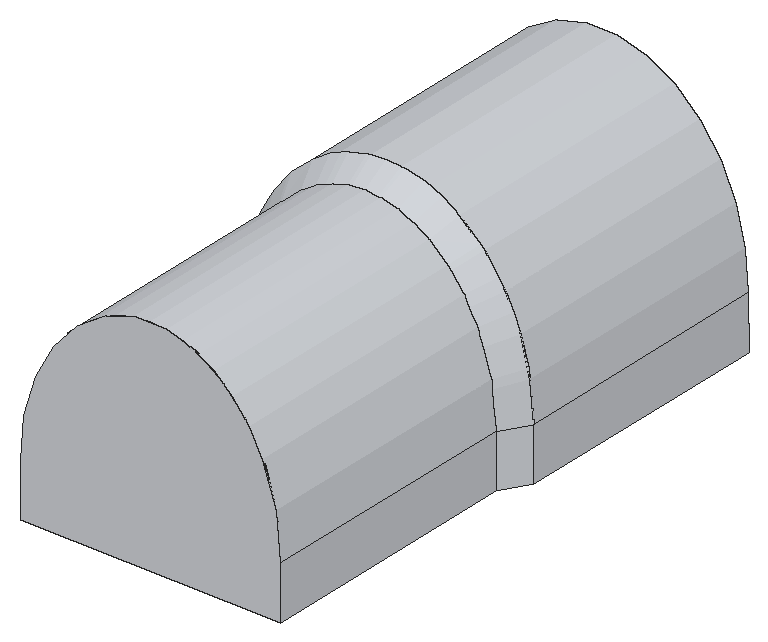
Revit family "Domotics-SerieCivili-GEWISS-27COMBI_SYSTEM-IP65_CREPUSCOLARE", category Modelli generici, host Superficie, Revit 2016
Family settings
  Host = Superficie
  Tipo di parte = Normale
  Può ospitare armatura = No
  Quota connettore circolare = Usa diametro
  Taglio con vuoti quando caricato = No
  Condiviso = No
  Punto di calcolo locali = No
Parameters (values of type "GW27432 - Rivelatore crepuscolare 2-200lux IP65")
  Versione file RFA = "18.0"
  URL = "https://www.gewiss.com/it/it"
  Termopressione con biglia = "70 °C"
  Temperatura di installazione = "-25 +60 °C"
  Scheda Tecnica = "https://www.gewiss.com/it/it/search?q=GW27432"
  Regolazione soglia crepuscolare = "0 - 200 lux"
  Produttore = "GEWISS S.p.A."
  Norma di riferimento = "EN 60669-2-1"
  Modello = "GW27432"
  Immagine tipo = GW27432.jpg
  Simbolo [instance] = yes
  IFC.TypeObject = ""
  IFC.ExportType = ""
  IFC.ExportAs = ""
  IDT = "09f7fde4-0fd3-4868-bfba-d57139335556"
  IDF = "6378bf70-1ce0-4a1f-a238-0e6aa7c17157"
  Grado di protezione = "IP65"
  Glow Wire Test = "650°C"
  Distanza orizzontale del simbolo [instance] = 154.148 mm
  Distanza dal muro [instance] = 4.208 mm
  Default Elevation = 1219.2 mm
  Profondità = 45 mm
  Larghezza = 55 mm
  Dim. esterne BxHxP (mm) = "55x106x45"
  Descrizione = "RIVELATORE CREPUSCOLARE 2-200LUX IP65"
  Creato da GEWISS S.p.A. = ""
  Cornice simbolo [instance] = yes
  Contatti di uscita = "1NA 16 A (AC1) 250 V ac"
  Codice Electrocod = "0143                "
  Codice EAN = "8011564827554"
  Classe isolamento = "II"
  Catalogo Serie = "27COMBI"
  Catalogo = "DOMOTICS"
  COBie.Tagnumber = ""
  COBie.CreatedOn = ""
  COBie.CreatebBy = ""
  COBie.ComponentRegisterItemID = ""
  COBie.Component.TagNumber = ""
  COBie.Component.Space = ""
  COBie.Component.SerialNumber = ""
  COBie.Component.InstallationDate = ""
  COBie.Component.Description = ""
  COBie.Component.BarCode = ""
  Altezza = 106 mm
Reference planes
  plane 1 "Centro (Fronte/Retro)": y = 0
  plane 2: z = 0
  plane 3 "Centro (Sinistra/Destra)": x = 0
  plane 4: x = -27.5
  plane 5: x = 27.5
  plane 6: y = 53
  plane 7: y = -53
  plane 8: z = 45
  plane 9: y = -2.5
  plane 10: y = 2.5
  plane 11: x = -154.148
Forms (mm)
  Extrusion 1, solid
    sketch origin (0, 0, 0) x (1, 0, 0) y (0, 0, 1)
      loop
        line (-27.5, 0) -> (27.5, 0) -> (27.5, 10)
        spline (27.5, 10) -> (26.563, 19.059) -> (23.816, 27.5) -> (19.445, 34.749) -> (13.75, 40.311) -> (7.118, 43.807) -> (0, 45) -> (-7.118, 43.807) -> (-13.75, 40.311) -> (-19.445, 34.749) -> (-23.816, 27.5) -> (-26.563, 19.059) -> (-27.5, 10)
        line (-27.5, 10) -> (-27.5, 0)
    from -53 to -2.5
  Extrusion 2, solid
    sketch origin (0, -53, 0) x (1, 0, 0) y (0, 0, 1)
      loop
        line (-24.5, 0) -> (24.5, 0) -> (24.5, 10)
        spline (24.5, 10) -> (23.62, 18.441) -> (21.084, 26.261) -> (17.084, 32.883) -> (11.974, 37.893) -> (6.149, 40.968) -> (0, 42) -> (-6.149, 40.968) -> (-11.974, 37.893) -> (-17.084, 32.883) -> (-21.084, 26.261) -> (-23.62, 18.441) -> (-24.5, 10)
        line (-24.5, 10) -> (-24.5, 0)
    from -50.5 to 0
  Blend 3, solid
    base sketch origin (0, 0, 0) x (1, 0, 0) y (0, 0, 1)
      loop
        spline (27.5, 10) -> (26.563, 19.059) -> (23.816, 27.5) -> (19.445, 34.749) -> (13.75, 40.311) -> (7.118, 43.807) -> (0, 45) -> (-7.118, 43.807) -> (-13.75, 40.311) -> (-19.445, 34.749) -> (-23.816, 27.5) -> (-26.563, 19.059) -> (-27.5, 10)
        line (-27.5, 10) -> (-27.5, 0) -> (27.5, 0) -> (27.5, 10)
    top sketch origin (0, 0, 0) x (1, 0, 0) y (0, 0, 1)
      loop
        line (-24.5, 0) -> (24.5, 0) -> (24.5, 10)
        spline (24.5, 10) -> (23.62, 18.441) -> (21.084, 26.261) -> (17.084, 32.883) -> (11.974, 37.893) -> (6.149, 40.968) -> (0, 42) -> (-6.149, 40.968) -> (-11.974, 37.893) -> (-17.084, 32.883) -> (-21.084, 26.261) -> (-23.62, 18.441) -> (-24.5, 10)
        line (-24.5, 10) -> (-24.5, 0)
    from -2.5 to 2.5
Cuts and joins
  joined: Extrusion 1, Extrusion 2, Blend 3
Lines and regions (mm)
  symbolic lines, not visible
    curve 1: line (417.587, 0, 326.381) -> (417.587, 0, 126.381)
    curve 2: line (417.587, 0, 126.381) -> (167.713, 0, 126.381)
    curve 3: line (167.713, 0, 126.381) -> (167.713, 0, 326.381)
    curve 4: line (417.587, 0, 226.381) -> (404.254, 0, 226.381)
    curve 5: line (181.047, 0, 226.381) -> (167.713, 0, 226.381)
    curve 6: line (312.865, 0, 201.672) -> (312.865, 0, 251.515)
    curve 7: line (332.086, 0, 201.591) -> (332.086, 0, 251.433)
    curve 8: line (332.086, 0, 251.433) -> (354.733, 0, 251.433)
    curve 9: line (354.733, 0, 251.433) -> (357.902, 0, 251.24)
    curve 10: line (357.902, 0, 251.24) -> (360.824, 0, 250.24)
    curve 11: line (360.824, 0, 250.24) -> (363.18, 0, 248.685)
    curve 12: line (363.18, 0, 248.685) -> (365.417, 0, 246.139)
    curve 13: line (365.417, 0, 246.139) -> (366.864, 0, 242.941)
    curve 14: line (366.864, 0, 242.941) -> (367.301, 0, 239.717)
    curve 15: line (367.301, 0, 239.717) -> (366.864, 0, 236.493)
    curve 16: line (366.864, 0, 236.493) -> (365.417, 0, 233.294)
    curve 17: line (365.417, 0, 233.294) -> (363.18, 0, 230.749)
    curve 18: line (363.18, 0, 230.749) -> (360.824, 0, 229.194)
    curve 19: line (360.824, 0, 229.194) -> (357.902, 0, 228.29)
    curve 20: line (357.902, 0, 228.29) -> (354.614, 0, 228.129)
    curve 21: line (354.614, 0, 228.129) -> (332.086, 0, 228.129)
    curve 22: line (370.62, 0, 201.591) -> (358.527, 0, 220.019)
    curve 23: line (358.527, 0, 220.019) -> (354.668, 0, 223.984)
    curve 24: line (354.668, 0, 223.984) -> (351.294, 0, 226.54)
    curve 25: line (351.294, 0, 226.54) -> (348.449, 0, 228.129)
    curve 26: line (386.24, 0, 298.434) -> (224.12, 0, 244.394)
    curve 27: line (224.12, 0, 244.394) -> (218.854, 0, 248.46)
    curve 28: line (218.854, 0, 248.46) -> (212.705, 0, 251.007)
    curve 29: line (212.705, 0, 251.007) -> (206.107, 0, 251.876)
    curve 30: line (206.107, 0, 251.876) -> (199.509, 0, 251.007)
    curve 31: line (199.509, 0, 251.007) -> (193.36, 0, 248.46)
    curve 32: line (193.36, 0, 248.46) -> (188.08, 0, 244.409)
    curve 33: line (188.08, 0, 244.409) -> (184.028, 0, 239.128)
    curve 34: line (184.028, 0, 239.128) -> (181.481, 0, 232.98)
    curve 35: line (181.481, 0, 232.98) -> (180.612, 0, 226.381)
    curve 36: line (180.612, 0, 226.381) -> (181.481, 0, 219.783)
    curve 37: line (181.481, 0, 219.783) -> (184.028, 0, 213.634)
    curve 38: line (184.028, 0, 213.634) -> (188.08, 0, 208.354)
    curve 39: line (188.08, 0, 208.354) -> (193.36, 0, 204.302)
    curve 40: line (193.36, 0, 204.302) -> (199.509, 0, 201.755)
    curve 41: line (199.509, 0, 201.755) -> (206.107, 0, 200.887)
    curve 42: line (206.107, 0, 200.887) -> (212.705, 0, 201.755)
    curve 43: line (212.705, 0, 201.755) -> (218.854, 0, 204.302)
    curve 44: line (218.854, 0, 204.302) -> (224.12, 0, 208.368)
    curve 45: line (224.12, 0, 208.368) -> (386.24, 0, 154.328)
    curve 46: line (386.24, 0, 154.328) -> (391.887, 0, 166.098)
    curve 47: line (391.887, 0, 166.098) -> (397.62, 0, 181.801)
    curve 48: line (397.62, 0, 181.801) -> (402.105, 0, 200.819)
    curve 49: line (402.105, 0, 200.819) -> (404.254, 0, 226.381)
    curve 50: line (404.254, 0, 226.381) -> (402.105, 0, 251.943)
    curve 51: line (402.105, 0, 251.943) -> (397.62, 0, 270.961)
    curve 52: line (397.62, 0, 270.961) -> (391.887, 0, 286.664)
    curve 53: line (391.887, 0, 286.664) -> (386.24, 0, 298.434)
  model lines, not visible
    curve 54: line (167.713, 0, 326.381) -> (417.587, 0, 326.381)
Dimensions and locks
  equal spacing: plane 5, plane 3 "Centro (Sinistra/Destra)", plane 4
  "Larghezza": plane 5 to plane 4
  equal spacing: plane 6, plane 1 "Centro (Fronte/Retro)", plane 7
  "Altezza": plane 6 to plane 7
  "Profondità": plane 8 to host face
  locked: plane 10 to plane 9 at 5
  equal spacing: plane 10, plane 1 "Centro (Fronte/Retro)", plane 9
  "Distanza orizzontale del simbolo": plane 11 to plane 3 "Centro (Sinistra/Destra)"
  aligned and locked: plane 2 to host face
  aligned and locked: level to host face
  aligned and locked: Extrusion 1 sketch curve to level
  aligned and locked: plane 6 to Extrusion 1
  aligned and locked: Extrusion 1 to plane 10
  aligned and locked: Blend 3 to Extrusion 1
  aligned and locked: Blend 3 to Extrusion 2
  aligned and locked: Blend 3 to plane 9
  aligned and locked: Extrusion 2 to plane 7
  aligned and locked: plane 11 to nested 1
Automatic sketch dimensions
  host sketch curve to host sketch curve = 2438.4 mm  (x2)
  Extrusion 1 sketch curve to plane 4 = 0 mm
  Extrusion 1 sketch curve to plane 3 "Centro (Sinistra/Destra)" = 0 mm
  Extrusion 1 sketch curve to Extrusion 1 sketch curve = 10 mm
  Extrusion 1 sketch curve to level = 25 mm
  Extrusion 2 sketch curve to level = 0 mm
  plane 4 to Extrusion 2 sketch curve = 3 mm
  Extrusion 2 sketch curve to Extrusion 2 sketch curve = 10 mm
  Extrusion 2 sketch curve to plane 5 = 3 mm
  Blend 3 sketch curve to plane 4 = 0 mm
  Blend 3 sketch curve to plane 5 = 0 mm
  Blend 3 sketch curve to level = 0 mm  (x2)
  Blend 3 sketch curve to Blend 3 sketch curve = 10 mm  (x2)
  Blend 3 sketch curve to level = 25 mm
  plane 4 to Blend 3 sketch curve = 3 mm
  Blend 3 sketch curve to plane 5 = 3 mm
Nested families
  nested 1: "RIVELCREPUSC" at (-154.148, 86.575, 0), Distanza dal muro <- "Distanza dal muro", BORDO ACCESO <- "Cornice simbolo", SIMBOLO <- "Simbolo", type "CREPUSCOLARE"
    with SIMBOLO yes, Distanza dal muro 4.208 mm, BORDO ACCESO yes
Definition of nested family "RIVELCREPUSC"
  Parameters (values of type "CREPUSCOLARE")
    SIMBOLO [instance] = yes
    Distanza dal muro [instance] = 4.208 mm
    BORDO ACCESO [instance] = yes
  Reference planes
    plane 1: y = 0
    plane 2: x = 0
  Dimensions and locks
    "Distanza dal muro": plane 1 to nested 1
    aligned and locked: plane 2 to nested 1
  Nested families
    nested 1: "RIVELCREPUSC_BASE" at (0, 4.208, 0), BORDO ACCESO <- "BORDO ACCESO", visible <- "SIMBOLO", type "CREPUSCOLARE"
      with BORDO ACCESO yes
  Definition of nested family "RIVELCREPUSC_BASE"
    Parameters (values of type "CREPUSCOLARE")
      TXT = "IR"
      Distanza dal muro = 4.208 mm
      BORDO ACCESO [instance] = yes
    Reference planes
      plane 1: y = 0
      plane 2: x = 0
    Lines and regions (mm)
      detail lines, visible <- "BORDO ACCESO"
        curve 1: line (-1, 2.5, 0) -> (1, 2.5, 0)
        curve 2: line (1, 2.5, 0) -> (1, 0, 0)
        curve 3: line (1, 0, 0) -> (-1, 0, 0)
        curve 4: line (-1, 0, 0) -> (-1, 2.5, 0)
        curve 5: line (-0.9, 2.4, 0) -> (0.9, 2.4, 0)
        curve 6: line (0.9, 2.4, 0) -> (0.9, 0.1, 0)
        curve 7: line (0.9, 0.1, 0) -> (-0.9, 0.1, 0)
        curve 8: line (-0.9, 0.1, 0) -> (-0.9, 2.4, 0)
      detail lines, visible <- "BORDO ACCESO", not visible
        curve 9: line (-1.743, 9.208, 0) -> (2.057, 9.208, 0)
        curve 10: line (2.057, 9.208, 0) -> (2.057, 4.208, 0)
        curve 11: line (2.057, 4.208, 0) -> (-1.743, 4.208, 0)
        curve 12: line (-1.743, 4.208, 0) -> (-1.743, 9.208, 0)
        curve 13: line (-1.543, 9.008, 0) -> (1.857, 9.008, 0)
        curve 14: line (1.857, 9.008, 0) -> (1.857, 4.408, 0)
        curve 15: line (1.857, 4.408, 0) -> (-1.543, 4.408, 0)
        curve 16: line (-1.543, 4.408, 0) -> (-1.543, 9.008, 0)
      detail lines
        curve 17: line (0.674, 1.757, 0) -> (-0.462, 1.379, 0)
        curve 18: line (0.674, 0.719, 0) -> (-0.462, 1.098, 0)
        curve 19: arc (0.674, 1.757, 0) -> (0.804, 1.238, 0) -> (0.674, 0.719, 0) r 1.103
        curve 20: arc (-0.462, 1.379, 0) -> (-0.804, 1.238, 0) -> (-0.462, 1.098, 0) r 0.2
    Text (mm)
      label "IR" at (0.461, 1.229, 0), shows "TXT"
    Dimensions and locks
      aligned and locked: curve 3 to plane 1
